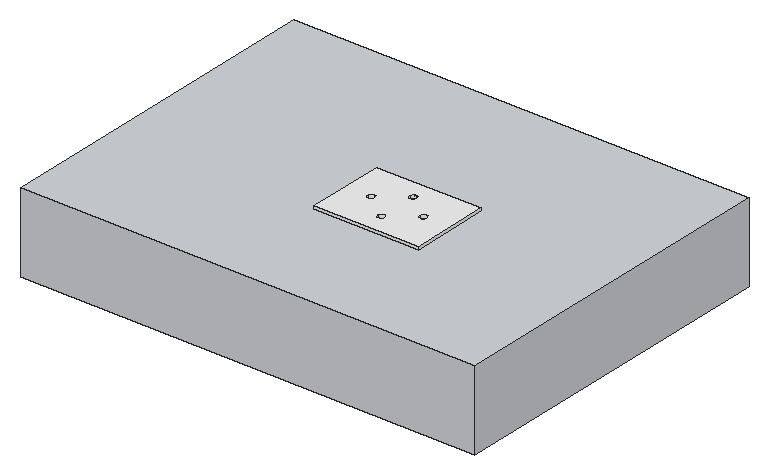
Revit family "M_Placa de base da coluna-4 Furos-Cruzado", category Conexões estruturais, Revit 2019
Family settings
  Hospedeiro = Face
  Material para o comportamento do modelo = Outros
  Número OmniClass = 23.25.05.17.11
  Título OmniClass = Column Bases
  ID de item do Seek = Column Base Plate-4 Hole-Cross-0000-CAN-ENU
  Ativar corte em vistas = Não
  Corte com vazios quando carregada = Não
  Compartilhado = Não
Parameters (values of type "10mm")
  Largura [instance] = 300 mm
  Espessura = 10 mm
  Material da placa = Metal - Aço 345 MPa
  Comprimento [instance] = 400 mm
  Espaçamento vertical do furo [instance] = 150 mm
  Espaçamento horizontal do furo [instance] = 200 mm
  Raio do furo = Diâmetro do furo / 2  # 13.5 mm
  Diâmetro do furo = 27 mm
  Elevação-padrão = 1200 mm
Types (7, lengths in mm): name | Espessura
  (no name) | 10
  5mm | 5
  10mm | 10
  20mm | 20
  15mm | 15
  25mm | 25
  30mm | 30
Reference planes
  plane 1 "Centro (Frente/Trás)": y = 0
  plane 2: z = 0
  plane 3 "Centro (Esquerda/Direita)": x = 0
  plane 4: x = -200
  plane 5: x = 200
  plane 6: y = 150
  plane 7: y = -150
  plane 8: y = 75
  plane 9: y = -75
  plane 10: x = -100
  plane 11: x = 100
  plane 12: z = 10
  plane 13: y = 75
  plane 14: y = -75
  plane 15: x = -100
  plane 16: x = 100
Forms (mm)
  Extrusion 1, solid
    sketch origin (0, 0, 0) x (1, 0, 0) y (0, 1, 0)
      loop
        line (-965.2, 711.2) -> (-965.2, -597.395) -> (773.882, -597.395) -> (773.882, 711.2) -> (-965.2, 711.2)
    from 0 to -304.8
  Extrusion 2, solid, material "Metal - Aço 345 MPa" <- "Material da placa"
    sketch origin (0, 0, 0) x (1, 0, 0) y (0, 1, 0)
      loop
        line (-200, 150) -> (-200, -150) -> (200, -150) -> (200, 150) -> (-200, 150)
    from 0 to 10
  Extrusion 3, void
    sketch origin (0, 0, 0) x (1, 0, 0) y (0, 1, 0)
      loop
        circle (-100, 0) r 13.5
      loop
        circle (100, 0) r 13.5
      loop
        circle (0, -75) r 13.5
      loop
        circle (0, 75) r 13.5
    from 0 to 10
Cuts and joins
  Extrusion 3 cuts Extrusion 2
Dimensions and locks
  "Comprimento": plane 4 to plane 5
  equal spacing: plane 4, plane 3 "Centro (Esquerda/Direita)", plane 5
  equal spacing: plane 7, plane 1 "Centro (Frente/Trás)", plane 6
  "Largura": plane 7 to plane 6
  equal spacing: plane 9, plane 1 "Centro (Frente/Trás)", plane 8
  "Espaçamento vertical do furo": plane 9 to plane 8
  equal spacing: plane 10, plane 3 "Centro (Esquerda/Direita)", plane 11
  "Espaçamento horizontal do furo": plane 10 to plane 11
  "Espessura": plane 12 to plane 2
  "Raio do furo": radius of Extrusion 3 sketch curve  (x4)
  aligned and locked: plane 2 to Extrusion 1
  aligned and locked: level to Extrusion 1
  aligned and locked: plane 4 to Extrusion 2 sketch curve
  aligned and locked: Extrusion 2 sketch curve to plane 6
  aligned and locked: plane 7 to Extrusion 2 sketch curve
  aligned and locked: plane 5 to Extrusion 2 sketch curve
  aligned and locked: plane 12 to Extrusion 2
  aligned and locked: Extrusion 2 to level
  aligned and locked: Extrusion 2 to Extrusion 3
  aligned and locked: Extrusion 3 to level
  aligned and locked: plane 10 to Extrusion 3 sketch curve
  aligned and locked: plane 1 "Centro (Frente/Trás)" to Extrusion 3 sketch curve  (x2)
  aligned and locked: plane 11 to Extrusion 3 sketch curve
  aligned and locked: plane 3 "Centro (Esquerda/Direita)" to Extrusion 3 sketch curve  (x2)
  aligned and locked: plane 9 to Extrusion 3 sketch curve
  aligned and locked: plane 8 to Extrusion 3 sketch curve
  aligned and locked: plane 8 to plane 13
  aligned and locked: plane 14 to plane 9
  aligned and locked: plane 10 to plane 15
  aligned and locked: plane 16 to plane 11
Automatic sketch dimensions
  Extrusion 1 sketch curve to Extrusion 1 sketch curve = 1739.082 mm
  Extrusion 1 sketch curve to Extrusion 1 sketch curve = 1308.595 mm
